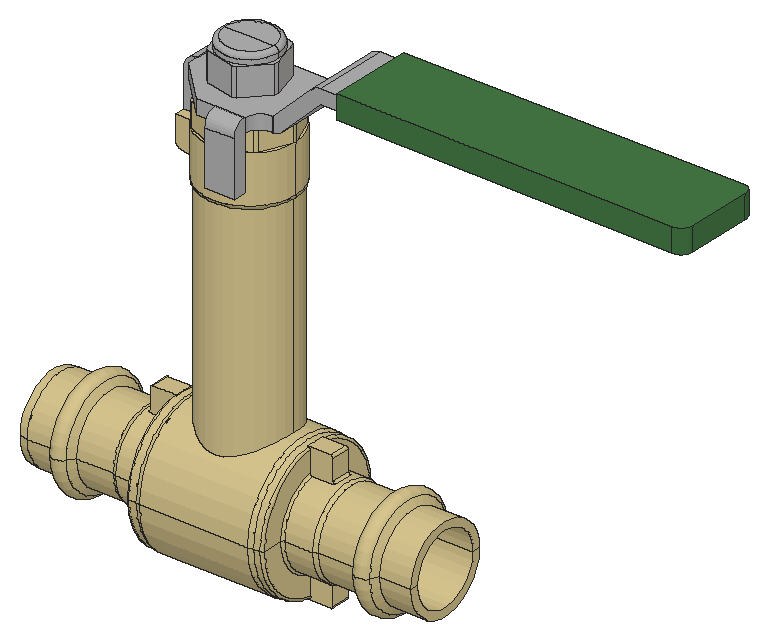
Revit family "QA12195015", category Apparecchi idraulici, Revit 2016
Family settings
  Tipo di parte = Normale
  Quota connettore circolare = Usa diametro
  Numero OmniClass = 23.45.00.00
  Titolo OmniClass = Sanitary, Laundry, and Cleaning Equipment
  Basato su piano di lavoro = No
  Sempre verticale = Sì
  Taglio con vuoti quando caricato = No
  Condiviso = No
  Punto di calcolo locali = No
Parameters
  URL = "https://web.cimberio.it/index.php/figura/1625?subcategoria_id=102"
  Produttore = "CIMBERIO SPA"
  Modello = "Cim 1224.1CRNL"
  DN Model [instance] = 1224.1 mm
  DN [instance] = 15 mm  # constant formula
Reference planes
  plane 1 "Centro (Fronte/Retro)": y = 0
  plane 2: z = 0
  plane 3 "Centro (Sinistra/Destra)": x = 0
Forms (mm)
  Revolve 1, solid, material "_CIM_Lega di ottone giallo"
    sketch origin (0, 0, 0) x (1, 0, 0) y (0, 1, 0)
      loop
        line (-42.1, 9) -> (-42.1, 7.5) -> (42.09, 7.5) -> (42.09, 9.15) -> (35.198, 9.15) -> (34.332, 10.65)
        arc (34.332, 10.65) -> (32.6, 11.65) -> (30.868, 10.65) r 2
        line (30.868, 10.65) -> (30.002, 9.15) -> (22.017, 9.15) -> (21.3, 9.5) -> (15.1, 9.5)
        arc (15.1, 9.5) -> (14.747, 9.646) -> (14.6, 9.999) r 0.5
        line (14.6, 9.999) -> (14.6, 14.25)
        arc (14.6, 14.25) -> (14.454, 14.604) -> (14.1, 14.75) r 0.5
        line (14.1, 14.75) -> (12.6, 14.75) -> (11.667, 15) -> (-11.667, 15) -> (-12.6, 14.75) -> (-14.1, 14.75)
        arc (-14.1, 14.75) -> (-14.454, 14.604) -> (-14.6, 14.25) r 0.5
        line (-14.6, 14.25) -> (-14.6, 9.999)
        arc (-14.6, 9.999) -> (-14.747, 9.646) -> (-15.1, 9.5) r 0.5
        line (-15.1, 9.5) -> (-21.087, 9.5) -> (-22.049, 9.15) -> (-30.002, 9.15) -> (-30.868, 10.65)
        arc (-30.868, 10.65) -> (-32.6, 11.65) -> (-34.332, 10.65) r 2
        line (-34.332, 10.65) -> (-35.198, 9.15) -> (-40.45, 9.15) -> (-42.1, 9)
      axis (-42.1, 0) -> (42.09, 0)
    angle from 0 to 360
  Extrusion 2, solid, material "_CIM_Lega di ottone giallo"
    sketch origin (0, 0, 0) x (1, 0, 0) y (0, 0, 1)
      loop
        line (19.1, 14.75) -> (14.1, 14.75) -> (14.1, 9.198) -> (19.1, 9.198) -> (20.1, 9.5)
        arc (20.1, 9.5) -> (19.746, 9.646) -> (19.6, 10) r 0.5
        line (19.6, 10) -> (19.6, 14.25)
        arc (19.6, 14.25) -> (19.454, 14.604) -> (19.1, 14.75) r 0.5
      loop
        arc (19.1, -14.75) -> (19.454, -14.604) -> (19.6, -14.25) r 0.5
        line (19.6, -14.25) -> (19.6, -10)
        arc (19.6, -10) -> (19.746, -9.646) -> (20.1, -9.5) r 0.5
        line (20.1, -9.5) -> (19.1, -9.198) -> (14.1, -9.198) -> (14.1, -14.75) -> (19.1, -14.75)
      loop
        arc (-19.1, 14.75) -> (-19.454, 14.604) -> (-19.6, 14.25) r 0.5
        line (-19.6, 14.25) -> (-19.6, 10)
        arc (-19.6, 10) -> (-19.746, 9.646) -> (-20.1, 9.5) r 0.5
        line (-20.1, 9.5) -> (-19.1, 9.198) -> (-14.1, 9.198) -> (-14.1, 14.75) -> (-19.1, 14.75)
      loop
        line (-19.1, -14.75) -> (-14.1, -14.75) -> (-14.1, -9.198) -> (-19.1, -9.198) -> (-20.1, -9.5)
        arc (-20.1, -9.5) -> (-19.746, -9.646) -> (-19.6, -10) r 0.5
        line (-19.6, -10) -> (-19.6, -14.25)
        arc (-19.6, -14.25) -> (-19.454, -14.604) -> (-19.1, -14.75) r 0.5
    from -2 to 1.995
  Revolve 3, solid, material "_CIM_Lega di ottone giallo"
    sketch origin (0, 0, 0) x (1, 0, 0) y (0, 0, 1)
      loop
        line (-10, 70.989) -> (-10, 60.742)
        arc (-10, 60.742) -> (-9.863, 60.294) -> (-9.5, 60) r 0.8
        line (-9.5, 60) -> (-9.5, 9.371) -> (0, 9.371) -> (0, 70.989) -> (-10, 70.989)
      axis (0, 70.989) -> (0, 9.371)
    angle from 0 to 360
  Extrusion 4, solid, material "_CIM_Lega di ottone giallo"
    sketch origin (0, 0, 0) x (1, 0, 0) y (0, 0, 1)
      loop
        line (-14, 69) -> (-14, 63.767)
        arc (-14, 63.767) -> (-13.793, 63.159) -> (-13.259, 62.801) r 1
        line (-13.259, 62.801) -> (-9.887, 61.898) -> (-9.887, 69) -> (-14, 69)
    from 0 to 2.301
  Extrusion 5, solid, material "_CIM_Lega di ottone giallo"
    sketch origin (0, 0, 28.55) x (1, 0, 0) y (0, 1, 0)
      loop
        line (-0.421, 9.826) -> (-6.665, 7.239)
        arc (-6.665, 7.239) -> (-7.009, 7.009) -> (-7.239, 6.665) r 1.06
        line (-7.239, 6.665) -> (-9.819, 0.437)
        arc (-9.819, 0.437) -> (-9.906, 0) -> (-9.819, -0.437) r 1.143
        line (-9.819, -0.437) -> (-7.243, -6.657)
        arc (-7.243, -6.657) -> (-7.008, -7.008) -> (-6.657, -7.243) r 1.082
        line (-6.657, -7.243) -> (-0.418, -9.827)
        arc (-0.418, -9.827) -> (0, -9.91) -> (0.418, -9.827) r 1.091
        line (0.418, -9.827) -> (6.665, -7.239)
        arc (6.665, -7.239) -> (7.009, -7.009) -> (7.239, -6.665) r 1.062
        line (7.239, -6.665) -> (9.829, -0.412)
        arc (9.829, -0.412) -> (9.911, 0) -> (9.829, 0.412) r 1.078
        line (9.829, 0.412) -> (7.252, 6.634)
        arc (7.252, 6.634) -> (7.004, 7.004) -> (6.634, 7.252) r 1.143
        line (6.634, 7.252) -> (0.421, 9.826)
        arc (0.421, 9.826) -> (0, 9.909) -> (-0.421, 9.826) r 1.1
    from 42.45 to 47.45
  Revolve 6, solid, material "_CIM_Lega di ottone"
    sketch origin (0, 0, 0) x (1, 0, 0) y (0, 0, 1)
      loop
        line (0, 76.899) -> (-4, 76.9) -> (-4, 76) -> (0, 76) -> (0, 76.899)
      axis (0, 76.9) -> (0, 75.9)
    angle from 0 to 360
  Extrusion 7, solid, material "_CIM_Lega di ottone"
    sketch origin (0, 0, 0) x (1, 0, 0) y (0, 0, 1)
      loop
        arc (-11.206, 79.9) -> (-13.323, 79.019) -> (-14.2, 76.899) r 3.001
        line (-14.2, 76.899) -> (-14.2, 65.398) -> (-11.206, 65.398) -> (-11.206, 79.9)
    from -8 to 0
  Extrusion 8, solid, material "_CIM_Lega di ottone"
    sketch origin (0, 0, 28.55) x (1, 0, 0) y (0, 1, 0)
      loop
        line (-11.199, 8) -> (-11.199, -2.301) -> (-2.301, -11.199) -> (8.005, -11.199)
        arc (8.005, -11.199) -> (8.994, -8.771) -> (11.5, -8) r 3.061
        line (11.5, -8) -> (11.5, 8) -> (-11.199, 8)
    from 48.35 to 51.35
  Extrusion 9, solid, material "_CIM_Lega di ottone"
    sketch origin (0, 0, 0) x (1, 0, 0) y (0, 0, 1)
      loop
        line (11.5, 79.9) -> (11.5, 76.9)
        arc (11.5, 76.9) -> (12.648, 77.129) -> (13.621, 77.779) r 3.006
        line (13.621, 77.779) -> (21.747, 85.891) -> (25.997, 85.9) -> (25.997, 88.9) -> (21.743, 88.9)
        arc (21.743, 88.9) -> (20.593, 88.67) -> (19.619, 88.019) r 3.009
        line (19.619, 88.019) -> (11.5, 79.9)
    from -8 to 8
  Extrusion 10, solid, material "_CIM Alluminio maniglia VERDE"
    sketch origin (0, 0, 28.55) x (1, 0, 0) y (0, 1, 0)
      loop
        line (25.997, -9) -> (98.48, -9.506)
        arc (98.48, -9.506) -> (100.26, -8.769) -> (100.997, -6.989) r 2.517
        line (100.997, -6.989) -> (100.997, 7.006)
        arc (100.997, 7.006) -> (100.259, 8.78) -> (98.48, 9.506) r 2.5
        line (98.48, 9.506) -> (25.997, 9) -> (25.997, -9)
    from 56.35 to 61.35
  Revolve 11, solid, material "_CIM_Lega di ottone"
    sketch origin (0, 0, 0) x (1, 0, 0) y (0, 0, 1)
      loop
        line (0, 87.9) -> (0, 85.9) -> (6.25, 85.9) -> (6.25, 86.9)
        arc (6.25, 86.9) -> (5.957, 87.607) -> (5.25, 87.9) r 1
        line (5.25, 87.9) -> (0, 87.9)
      axis (0, 87.9) -> (0, 85.9)
    angle from 0 to 360
  Extrusion 12, solid, material "_CIM_Lega di ottone"
    sketch origin (0, 0, 28.55) x (1, 0, 0) y (0, 1, 0)
      loop
        arc (-1.774, 7.03) -> (-2.225, 6.9) -> (-2.667, 6.742) r 7.25
        line (-2.667, 6.742) -> (-6.975, 1.978)
        arc (-6.975, 1.978) -> (-7.088, 1.523) -> (-7.172, 1.061) r 7.25
        line (-7.172, 1.061) -> (-5.201, -5.051)
        arc (-5.201, -5.051) -> (-4.863, -5.377) -> (-4.505, -5.68) r 7.25
        line (-4.505, -5.68) -> (1.774, -7.03)
        arc (1.774, -7.03) -> (2.225, -6.9) -> (2.667, -6.742) r 7.25
        line (2.667, -6.742) -> (6.975, -1.978)
        arc (6.975, -1.978) -> (7.088, -1.523) -> (7.172, -1.061) r 7.25
        line (7.172, -1.061) -> (5.201, 5.051)
        arc (5.201, 5.051) -> (4.863, 5.377) -> (4.505, 5.68) r 7.25
        line (4.505, 5.68) -> (-1.774, 7.03)
    from 51.35 to 57.35
  Extrusion 13, solid, material "_CIM_Lega di ottone"
    sketch origin (-11, 0, 0) x (0, 0, 1) y (0, 1, 0)
      loop
        line (79.9, -11.199) -> (65.398, -11.199) -> (65.398, -14.034) -> (77.065, -14.034)
        arc (77.065, -14.034) -> (79.07, -13.203) -> (79.9, -11.199) r 2.835
    from -19 to -12.7
Dimensions and locks
  aligned and locked: level to plane 2
Connectors
  piping at (42.09, 0, 0), diameter 15, driven by "DN"
    settings: on Revolve 1, index 1, connector inside diameter 609.6 mm, connector length 0 mm, flow factor 0, pipe flow 0.0 L/s, pressure drop 0.0 Pa, fitting loss kfactor 0, connector angle 0.00°, fixture units 0, engagement length 0 mm, angle of deflection 0.00°, flow configuration 0, flow direction 0, fitting loss method 0, system type 7, joint type 0, gender type 0, connector reference index -1, connector utility 0, adjustable connector no, is connector primary yes, connector description ""
  piping at (-42.1, 0, 0), diameter 15, driven by "DN"
    settings: on Revolve 1, index 2, connector inside diameter 609.6 mm, connector length 0 mm, flow factor 0, pipe flow 0.0 L/s, pressure drop 0.0 Pa, fitting loss kfactor 0, connector angle 0.00°, fixture units 0, engagement length 0 mm, angle of deflection 0.00°, flow configuration 0, flow direction 0, fitting loss method 0, system type 7, joint type 0, gender type 0, connector reference index -1, connector utility 0, adjustable connector no, is connector primary no, connector description ""
